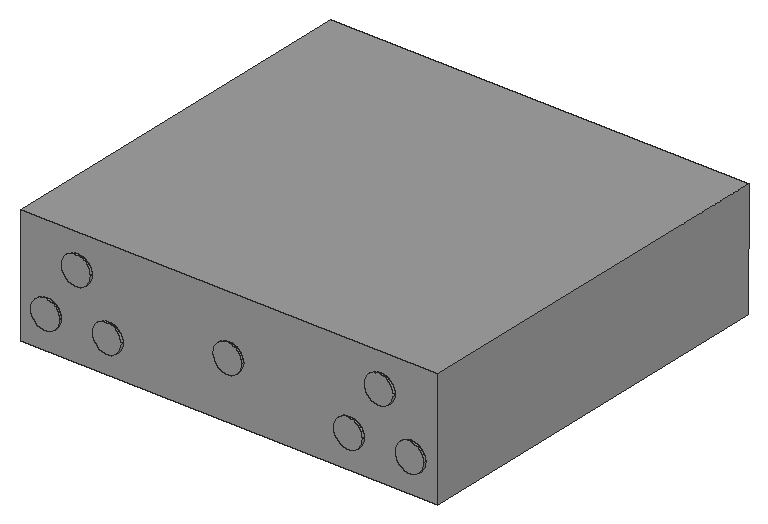
Revit family "NXAC_Series", category Electrical Equipment, host Face, Revit 2021
Family settings
  Host = Face
  Round Connector Dimension = Use Diameter
  Part Type = Equipment Switch
  OmniClass Number = 23.80.30.11.17
  OmniClass Title = Distribution Boards and Control Panels
  Cut with Voids When Loaded = No
  Shared = No
  Room Calculation Point = No
Parameters (values of type "NXAC")
  zz Length 3 = 4.08"  # constant formula
  zz Length 2 = 14.51"  # constant formula
  zz Length 1 = 13.50"  # constant formula
  Weight = 8.44 kg  # constant formula
  Warranty = "Five-year limited"  # constant formula
  Voltage = "120V"
  URL = "https://www.currentlighting.com/nxlightingcontrols"
  Type Comments = "Electrical Equipment"  # constant formula
  Relative Humidity = "0 to 95%"  # constant formula
  Product Page URL = ""
  Product Documentation Link = ""
  Power Factor = 1
  Operating Temperature = "0°C to 40°C (32°F to 104°F)"  # constant formula
  Model = "NXAC Series"  # constant formula
  Manufacturer = " NX Lighting Controls"  # constant formula
  Load Classification = Power
  Keynote = ""
  Frequency = 60 Hz
  Device Material = Gray
  Description = "NX Area Controller"  # constant formula
  Default Elevation = 48.00"
  Copyright = "Copyright © NX Lighting Controls"  # constant formula
  Contact Us = ""
  Construction = "NEMA1 metal enclosure"  # constant formula
  Connector Description 2 = "Controls"  # constant formula
  Connector Description 1 = "Power Supply"  # constant formula
  Certifications = "UL916, UL924 and cUL"  # constant formula
  Assembly Code = "D50"
  Apparent Load = 0.000 VA
Reference planes (in)
  plane 1 "Center (Front/Back)": y = 0
  plane 2 "Bottom": z = 0
  plane 3 "Center (Left/Right)": x = 0
  plane 4: y = 6.75
  plane 5: y = -6.75
  plane 6: x = -7.255
  plane 7: x = 7.255
  plane 8: z = 4.08
  plane 9: y = 5.25
  plane 10: y = -5.25
  plane 11: x = -5.755
  plane 12: x = 5.755
  plane 13: y = 6.8125
  plane 14: y = -6.8125
  plane 15: x = 3.45347
  plane 16: x = 4.95347
  plane 17: y = 2.125
  plane 18: y = -2.125
  plane 19: z = 2.04
  plane 20: z = 2.04
Forms (in)
  Extrusion 1, solid, material "Gray" <- "Device Material"
    sketch origin (0, 0, 0.09375) x (0, -1, 0) y (1, 0, 0)
      loop
        line (-6.75, -7.255) -> (6.75, -7.255) -> (6.75, 7.255) -> (-6.75, 7.255) -> (-6.75, -7.255)
    from -0.09375 to 3.98625
  Extrusion 2, solid, material "Gray" <- "Device Material", detail levels fine
    sketch origin (0, 0, 0) x (1, 0, 0) y (0, 0, 1)
      loop
        circle (0, 2.04) r 0.5
      loop
        circle (-5.26324, 2.92646) r 0.5
      loop
        circle (-6.33385, 1.18812) r 0.5
      loop
        circle (-4.19262, 1.18812) r 0.5
      loop
        circle (5.26324, 2.92646) r 0.5
      loop
        circle (6.33385, 1.18812) r 0.5
      loop
        circle (4.19262, 1.18812) r 0.5
    from 6.75 to 6.8125
  Extrusion 3, solid, material "Gray" <- "Device Material", detail levels fine
    sketch origin (0, 0, 0) x (1, 0, 0) y (0, 0, -1)
      loop
        circle (0, -2.04) r 0.5
      loop
        circle (-5.26324, -2.92646) r 0.5
      loop
        circle (-6.33385, -1.18812) r 0.5
      loop
        circle (-4.19262, -1.18812) r 0.5
      loop
        circle (5.26324, -2.92646) r 0.5
      loop
        circle (6.33385, -1.18812) r 0.5
      loop
        circle (4.19262, -1.18812) r 0.5
    from 6.75 to 6.8125
Lines and regions (in)
  model lines, style "NXAC", detail levels medium+fine
    curve 1: line (-5.755, 5.25, 4.08) -> (5.755, 5.25, 4.08)
    curve 2: line (-5.755, -5.25, 4.08) -> (-5.755, 5.25, 4.08)
    curve 3: line (5.755, -5.25, 4.08) -> (-5.755, -5.25, 4.08)
    curve 4: line (5.755, 5.25, 4.08) -> (5.755, -5.25, 4.08)
  model lines, style "NXAC", detail levels fine
    curve 5: line (3.45347, 2.125, 4.08) -> (4.95347, 2.125, 4.08)
    curve 6: line (3.45347, -2.125, 4.08) -> (3.45347, 2.125, 4.08)
    curve 7: line (4.95347, -2.125, 4.08) -> (3.45347, -2.125, 4.08)
    curve 8: line (4.95347, 2.125, 4.08) -> (4.95347, -2.125, 4.08)
  symbolic lines
    curve 9: line (-7.255, 6.75, 0.09375) -> (7.255, 6.75, 0.09375)
    curve 10: line (-7.255, -6.75, 0.09375) -> (-7.255, 6.75, 0.09375)
    curve 11: line (7.255, -6.75, 0.09375) -> (-7.255, -6.75, 0.09375)
    curve 12: line (7.255, 6.75, 0.09375) -> (7.255, -6.75, 0.09375)
    curve 13: line (0, 6.75, 4.08) -> (0, -6.75, 4.08)
    curve 14: line (0, 6.75, 0) -> (0, 6.75, 4.08)
    curve 15: line (0, -6.75, 0) -> (0, 6.75, 0)
    curve 16: line (0, -6.75, 4.08) -> (0, -6.75, 0)
    curve 17: line (-7.255, 0, 4.08) -> (7.255, 0, 4.08)
    curve 18: line (-7.255, 0, 0) -> (-7.255, 0, 4.08)
    curve 19: line (7.255, 0, 0) -> (-7.255, 0, 0)
    curve 20: line (7.255, 0, 4.08) -> (7.255, 0, 0)
    curve 21: circle (-6.33385, 0, 1.18812) r 0.5 normal (0, -1, 0)
    curve 22: circle (-5.26324, 0, 2.92646) r 0.5 normal (0, -1, 0)
    curve 23: circle (-4.19262, 0, 1.18812) r 0.5 normal (0, -1, 0)
    curve 24: circle (0, 0, 2.04) r 0.5 normal (0, -1, 0)
    curve 25: circle (5.26324, 0, 2.92646) r 0.5 normal (0, -1, 0)
    curve 26: circle (4.19262, 0, 1.18812) r 0.5 normal (0, -1, 0)
    curve 27: circle (6.33385, 0, 1.18812) r 0.5 normal (0, -1, 0)
Dimensions and locks (in)
  equal spacing: plane 4, plane 1 "Center (Front/Back)", plane 5
  "zz Length 1": plane 4 to plane 5
  "zz Length 2": plane 6 to plane 7
  equal spacing: plane 6, plane 3 "Center (Left/Right)", plane 7
  plane 6 to plane 7 = 14.51"
  "zz Length 3": plane 8 to plane 2 "Bottom"
  plane 4 to plane 9 = 1.50"
  plane 5 to plane 10 = 1.50"
  equal spacing: plane 11, plane 3 "Center (Left/Right)", plane 12, locked at 5.755 each
  locked: plane 13 to plane 4 at 0.0625
  locked: plane 14 to plane 5 at 0.0625
  equal spacing: plane 18, plane 1 "Center (Front/Back)", plane 17, locked at 2.125 each
  locked: plane 15 to plane 16 at 1.5
  locked: plane 16 to plane 12 at 0.80153
  equal spacing: plane 9, plane 1 "Center (Front/Back)", plane 10, locked at 5.25 each
  equal spacing: plane 8, plane 19, plane 2 "Bottom", locked at 2.04 each
  aligned and locked: plane 2 "Bottom" to host face
  aligned and locked: level to host face
  aligned and locked: Extrusion 1 sketch curve to plane 4
  aligned and locked: Extrusion 1 sketch curve to plane 6
  aligned and locked: Extrusion 1 sketch curve to plane 5
  aligned and locked: Extrusion 1 sketch curve to plane 7
  aligned and locked: Extrusion 1 to plane 2 "Bottom"
  aligned and locked: plane 8 to Extrusion 1
  aligned and locked: curve 1 to plane 9
  aligned and locked: curve 2 to plane 11
  aligned and locked: curve 3 to plane 10
  aligned and locked: curve 4 to plane 12
  aligned and locked: curve 9 to Extrusion 1
  aligned and locked: curve 10 to Extrusion 1
  aligned and locked: curve 11 to Extrusion 1
  aligned and locked: curve 12 to Extrusion 1
  aligned and locked: curve 13 to Extrusion 1
  aligned and locked: curve 14 to Extrusion 1
  aligned and locked: curve 15 to Extrusion 1
  aligned and locked: curve 16 to Extrusion 1
  aligned and locked: curve 17 to Extrusion 1
  aligned and locked: curve 18 to Extrusion 1
  aligned and locked: curve 19 to Extrusion 1
  aligned and locked: curve 20 to Extrusion 1
  aligned and locked: plane 15 to curve 6
  aligned and locked: curve 8 to plane 16
  aligned and locked: plane 17 to curve 5
  aligned and locked: plane 18 to curve 7
  aligned and locked: Extrusion 2 to plane 5
  aligned and locked: plane 14 to Extrusion 2
Automatic sketch dimensions
  host sketch curve to host sketch curve = 96.00"  (x2)
  Extrusion 2 sketch curve to plane 3 "Center (Left/Right)" = 0.00"
  Extrusion 2 sketch curve to plane 19 = 0.00"
  Extrusion 2 sketch curve to plane 11 = 1.56238"
  Extrusion 2 sketch curve to plane 11 = 0.49176"
  plane 11 to Extrusion 2 sketch curve = 0.57885"
  plane 15 to Extrusion 2 sketch curve = 0.73916"
  plane 16 to Extrusion 2 sketch curve = 0.30977"
  plane 12 to Extrusion 2 sketch curve = 0.57885"
  Extrusion 2 sketch curve to plane 19 = 0.85188"  (x4)
  plane 19 to Extrusion 2 sketch curve = 0.88646"  (x2)
  Extrusion 3 sketch curve to plane 3 "Center (Left/Right)" = 0.00"
  Extrusion 3 sketch curve to plane 20 = 0.00"
  Extrusion 3 sketch curve to plane 11 = 1.56238"
  Extrusion 3 sketch curve to plane 11 = 0.49176"
  plane 11 to Extrusion 3 sketch curve = 0.57885"
  plane 15 to Extrusion 3 sketch curve = 0.73916"
  plane 16 to Extrusion 3 sketch curve = 0.30977"
  plane 12 to Extrusion 3 sketch curve = 0.57885"
  plane 20 to Extrusion 3 sketch curve = 0.88646"  (x2)
  Extrusion 3 sketch curve to plane 20 = 0.85188"  (x4)
  curve 24 to plane 3 "Center (Left/Right)" = 0.00"
  plane 11 to curve 21 = 0.57885"
  curve 22 to plane 11 = 0.49176"
  curve 23 to plane 11 = 1.56238"
  plane 15 to curve 26 = 0.73916"
  plane 16 to curve 25 = 0.30977"
  plane 12 to curve 27 = 0.57885"
  level to curve 23 = 1.18812"
  level to curve 26 = 1.18812"
  level to curve 21 = 1.18812"
  level to curve 27 = 1.18812"
  level to curve 24 = 2.04"
  curve 22 to plane 8 = 1.15354"
  curve 25 to plane 8 = 1.15354"
  radius of Extrusion 2 sketch curve = 0.50"  (x7)
  radius of Extrusion 3 sketch curve = 0.50"  (x7)
  radius of curve 21 = 0.50"
  radius of curve 22 = 0.50"
  radius of curve 23 = 0.50"
  radius of curve 24 = 0.50"
  radius of curve 25 = 0.50"
  radius of curve 26 = 0.50"
  radius of curve 27 = 0.50"
Connectors (in)
  electrical at (0, 0, 0), driven by "Apparent Load", driven by "Load Classification", driven by "Power Factor", driven by "Connector Description 1", driven by "Apparent Load"
    settings: on Extrusion 1, index 1, voltage 120 V, apparent load 0.000 VA, apparent load phase1 0.000 VA, apparent load phase2 0.000 VA, apparent load phase3 0.000 VA, power factor 1, load classification "Power", number of poles 1, system type 30, power factor state 1, is connector primary yes, connector utility no, sub classification motor no, connector description "Power Supply"
  cabletrayconduit at (-6.33385, -6.8125, 1.18812), diameter 1
    settings: on Extrusion 2, index 3, connector width 12.00", connector height 12.00", connector angle 0.00°, system type 32, placement type 0, profile type 0, connector reference index -1, is primary connector yes, connector utility param no, connector description ""
  cabletrayconduit at (-5.26324, -6.8125, 2.92646), diameter 1
    settings: on Extrusion 2, index 4, connector width 12.00", connector height 12.00", connector angle 0.00°, system type 32, placement type 0, profile type 0, connector reference index -1, is primary connector no, connector utility param no, connector description ""
  cabletrayconduit at (-4.19262, -6.8125, 1.18812), diameter 1
    settings: on Extrusion 2, index 5, connector width 12.00", connector height 12.00", connector angle 0.00°, system type 32, placement type 0, profile type 0, connector reference index -1, is primary connector no, connector utility param no, connector description ""
  cabletrayconduit at (0, -6.8125, 2.04), diameter 1
    settings: on Extrusion 2, index 6, connector width 12.00", connector height 12.00", connector angle 0.00°, system type 32, placement type 0, profile type 0, connector reference index -1, is primary connector no, connector utility param no, connector description ""
  cabletrayconduit at (4.19262, -6.8125, 1.18812), diameter 1
    settings: on Extrusion 2, index 7, connector width 12.00", connector height 12.00", connector angle 0.00°, system type 32, placement type 0, profile type 0, connector reference index -1, is primary connector no, connector utility param no, connector description ""
  cabletrayconduit at (5.26324, -6.8125, 2.92646), diameter 1
    settings: on Extrusion 2, index 8, connector width 12.00", connector height 12.00", connector angle 0.00°, system type 32, placement type 0, profile type 0, connector reference index -1, is primary connector no, connector utility param no, connector description ""
  cabletrayconduit at (6.33385, -6.8125, 1.18812), diameter 1
    settings: on Extrusion 2, index 9, connector width 12.00", connector height 12.00", connector angle 0.00°, system type 32, placement type 0, profile type 0, connector reference index -1, is primary connector no, connector utility param no, connector description ""
  cabletrayconduit at (6.33385, 6.8125, 1.18812), diameter 1
    settings: on Extrusion 3, index 10, connector width 12.00", connector height 12.00", connector angle 0.00°, system type 32, placement type 0, profile type 0, connector reference index -1, is primary connector no, connector utility param no, connector description ""
  cabletrayconduit at (5.26324, 6.8125, 2.92646), diameter 1
    settings: on Extrusion 3, index 11, connector width 12.00", connector height 12.00", connector angle 0.00°, system type 32, placement type 0, profile type 0, connector reference index -1, is primary connector no, connector utility param no, connector description ""
  cabletrayconduit at (4.19262, 6.8125, 1.18812), diameter 1
    settings: on Extrusion 3, index 12, connector width 12.00", connector height 12.00", connector angle 0.00°, system type 32, placement type 0, profile type 0, connector reference index -1, is primary connector no, connector utility param no, connector description ""
  cabletrayconduit at (0, 6.8125, 2.04), diameter 1
    settings: on Extrusion 3, index 13, connector width 12.00", connector height 12.00", connector angle 0.00°, system type 32, placement type 0, profile type 0, connector reference index -1, is primary connector no, connector utility param no, connector description ""
  cabletrayconduit at (-4.19262, 6.8125, 1.18812), diameter 1
    settings: on Extrusion 3, index 14, connector width 12.00", connector height 12.00", connector angle 0.00°, system type 32, placement type 0, profile type 0, connector reference index -1, is primary connector no, connector utility param no, connector description ""
  cabletrayconduit at (-5.26324, 6.8125, 2.92646), diameter 1
    settings: on Extrusion 3, index 15, connector width 12.00", connector height 12.00", connector angle 0.00°, system type 32, placement type 0, profile type 0, connector reference index -1, is primary connector no, connector utility param no, connector description ""
  cabletrayconduit at (-6.33385, 6.8125, 1.18812), diameter 1
    settings: on Extrusion 3, index 16, connector width 12.00", connector height 12.00", connector angle 0.00°, system type 32, placement type 0, profile type 0, connector reference index -1, is primary connector no, connector utility param no, connector description ""
